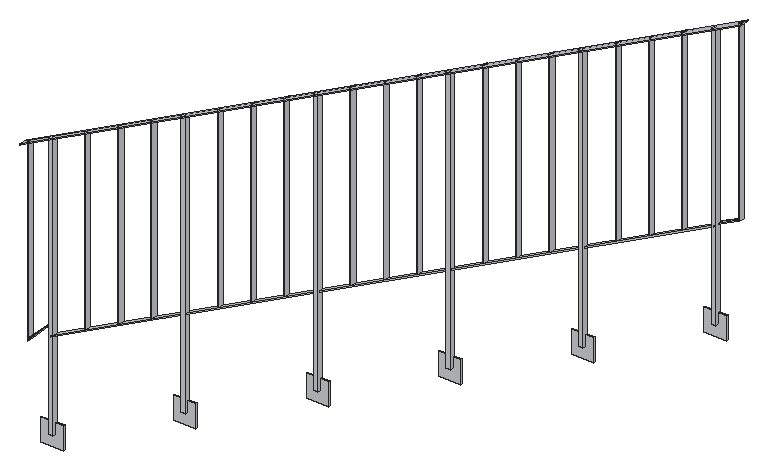
Revit family "AVLN_Ограждение типовое_5 секций", category Специальное оборудование, Revit 2019
Family settings
  Размер круглого соединителя = Использовать диаметр
  Тип детали = Нормальный
  На основе рабочей плоскости = Нет
  Всегда вертикально = Да
  При загрузке вырезать с полостями = Нет
  Общий = Нет
  Точка расчета площади = Нет
Parameters (values of type "Длина 2700")
  число стоек = if(Число стоек расчет < 2, 2, Число стоек расчет + 1)  # 4
  справа до стойки = 600 mm
  перепад высоты 1 = tan(Угол_реальный) * Шаг разделительных стоек  # 75 mm
  перепад высоты = tan(Угол_реальный) * Длина  # 1500 mm
  перепад высота 2 = tan(Угол_реальный) * Смещение крайних стоек  # 55 mm
  от 3 до4 стержня = 200 mm
  Ширина проступи = 300 mm
  Шаг разделительных стоек 4 = слева до стойки + Расстояние между стойками * 3 + Шаг разделительных стоек  # 2550 mm
  Шаг разделительных стоек 3 = слева до стойки + Расстояние между стойками * 2 + Шаг разделительных стоек  # 1950 mm
  Шаг разделительных стоек 2 = слева до стойки + Расстояние между стойками + Шаг разделительных стоек  # 1350 mm
  Шаг разделительных стоек 1 = слева до стойки + Шаг разделительных стоек  # 750 mm
  Шаг разделительных стоек = 150 mm
  Число стоек расчет = (Длина - (слева до стойки + справа до стойки)) / Расстояние между стойками  # 3
  Число разделительных стоек 3 = if(Число стоек расчет < 2, 2, справа до стойки / Шаг разделительных стоек - 1)  # 3
  Число разделительных стоек 2 = if(Число стоек расчет < 2, 2, Расстояние между стойками / Шаг разделительных стоек - 1)  # 3
  Число разделительных стоек 1 = if(Число стоек расчет < 2, 2, слева до стойки / Шаг разделительных стоек - 1)  # 3
  Уклон по углу = no
  Угол_реальный = if(Уклон по углу, Угол, atan(Высота подступенка / Ширина проступи))  # 26.5651°
  Угол 2 = 90.00° - Угол  # 45.00°
  Угол 1 = 115.00°
  Угол = 45.00°
  Стойка последняя = yes
  Стойка первая = yes
  Стойка = направляющие : Прокат_квадрат_20х20
  Стержень_3 = направляющие : Прокат_квадрат_20х20
  Стержень_2 = направляющие : Прокат_квадрат_20х20
  Стержень_1 = направляющие : Прокат_квадрат_20х20
  Стержень 4 = направляющие : Прокат_полоса 25х4
  Смещение стоек по высоте справа = tan(Угол_реальный) * справа до стойки  # 300 mm
  Смещение стоек по высоте слева = tan(Угол_реальный) * слева до стойки  # 300 mm
  Смещение разделительных стоек 4 = tan(Угол_реальный) * Шаг разделительных стоек 4  # 1275 mm
  Смещение разделительных стоек 3 = tan(Угол_реальный) * Шаг разделительных стоек 3  # 975 mm
  Смещение разделительных стоек 2 = tan(Угол_реальный) * Шаг разделительных стоек 2  # 675 mm
  Смещение разделительных стоек 1 = tan(Угол_реальный) * Шаг разделительных стоек 1  # 375 mm
  Смещение поручня по высоте = tan(Угол_реальный) * Вылет верхнего поручня лево  # 65 mm
  Смещение крайних стоек = 110 mm
  Расчет [instance] = ""
  Расстояние между стойками = 600 mm
  от поручня до стержня 1 = 200 mm
  от 2 до 3 стержня = 200 mm
  от 1 до 2 стержня = 200 mm
  слева до стойки = 600 mm
  высота поручня от ур.ч.п. = 1000 mm
  смещение вниз от ур.ч.п = 200 mm
  Стоимость = 0
  Расстояние до стены = 0 mm
  Разделительная стойка = направляющие : Прокат_полоса 25х4
  Позиция для ограждения = 0
  Перепад высоты верхнего поручня = tan(Угол_реальный) * (Длина + Вылет верхнего поручня лево + Вылет верхнего поручня право)  # 1630 mm
  Мега_массив = число стоек - 1  # 3
  Марка ограждения = ""
  Крепление к стене = Крепление к стене : 100 х 100 х 6_вертикальная
  Крайняя стойка длина = sqrt(перепад высота 2 ^ 2 + Смещение крайних стоек ^ 2)  # 122.984 mm
  Комментарии к типоразмеру = "тип 1"
  Keynote = ""
  Manufacturer = ""
  Заверщающихй сегмент слева = yes
  Заверщаюший сегмент справа = yes
  Длина_проверочная = (слева до стойки + справа до стойки) + ((число стоек - 1) * Расстояние между стойками)  # 3000 mm
  Длина гипотенузы верхнего поручня = sqrt(Перепад высоты верхнего поручня ^ 2 + (Длина + Вылет верхнего поручня лево + Вылет верхнего поручня право) ^ 2)  # 3644.791 mm
  Длина гипотенузы = sqrt(перепад высоты ^ 2 + Длина ^ 2)  # 3354.102 mm
  Длина = 3000 mm
  Высота разделительных стоек = от поручня до стержня 1 + от 1 до 2 стержня + от 2 до 3 стержня + от 3 до4 стержня  # 800 mm
  Высота стоек = высота поручня от ур.ч.п. + смещение вниз от ур.ч.п  # 1200 mm
  Высота подступенка = 150 mm
  Высота ограждения [instance] = 1200 mm
  Вылет верхнего поручня право = 130 mm
  Вылет верхнего поручня лево = 130 mm
  Видимость_стержень_4 = yes
  Видимость_стержень_3 = no
  Видимость_стержень_2 = no
  Видимость_стержень_1 = no
  Верхний поручень = направляющие : Прокат_полоса_40х4
  URL = ""
  ADSK_Позиция = ""
  ADSK_Обозначение = ""
  ADSK_Номер секции [instance] = ""
  ADSK_Наименование = ""
Types (3, lengths in mm): name | справа до стойки | перепад высоты | Шаг разделительных стоек 4 | Шаг разделительных стоек 3 | Шаг разделительных стоек 2 | Шаг разделительных стоек 1 | Число разделительных стоек 3 | Число разделительных стоек 1 | Угол 2 | Угол | Смещение стоек по высоте справа | Смещение стоек по высоте слева | Смещение разделительных стоек 4 | Смещение разделительных стоек 3 | Смещение разделительных стоек 2 | Смещение разделительных стоек 1 | слева до стойки | Перепад высоты верхнего поручня | Длина_проверочная | Длина гипотенузы верхнего поручня | Длина гипотенузы | Длина | Вылет верхнего поручня право
  Длина 3600 | 900 | 1800 | 2850 | 2250 | 1650 | 1050 | 5 | 5 | 70.00° | 20.00° | 450 | 450 | 1425 | 1125 | 825 | 525 | 900 | 1865 | 3600 | 4170.267 | 4024.922 | 3600 | 0
  Длина 3300 | 600 | 1650 | 2850 | 2250 | 1650 | 1050 | 3 | 5 | 70.00° | 20.00° | 300 | 450 | 1425 | 1125 | 825 | 525 | 900 | 1780 | 3300 | 3980.201 | 3689.512 | 3300 | 130
  Длина 2700 | 600 | 1500 | 2550 | 1950 | 1350 | 750 | 3 | 3 | 45.00° | 45.00° | 300 | 300 | 1275 | 975 | 675 | 375 | 600 | 1630 | 3000 | 3644.791 | 3354.102 | 3000 | 130
Reference planes
  plane 1 "По центру (Вперед/Назад)": y = 0
  plane 2: z = 0
  plane 3 "Слева": x = 0
  plane 4 "справа до стойки": x = 2400
  plane 5: z = 800
  plane 6: y = 10
  plane 7 "Слева до стойки": x = 600
  plane 8 "справа": x = 3000
  plane 9: z = -200
  plane 10: z = 1000
  plane 11 "2 стерженьь": z = 600
  plane 12 "3 стерженьь": z = 400
  plane 13: z = 1300
  plane 14 "1 стержень": z = 2300
  plane 15 "поручень": z = 2500
  plane 16 "2 стержень": z = 2100
  plane 17 "3 стержень": z = 1900
  plane 18: z = 1500
  plane 19: x = 1500
  plane 20: z = 1000
  plane 21: z = 100
  plane 22: x = 150
  plane 23: x = 2550
  plane 24 "4стержень": z = 200
  plane 25 "4 стержень": z = 1700
  plane 26: y = -10
  plane 27: y = 0
  plane 28: x = -130
  plane 29: z = 935
  plane 30: x = 3514.791
  plane 31: x = 750
  plane 32: x = 1350
  plane 33: x = 1950
  plane 34 "Перекладина 1": z = 275
  plane 35 "Перекладина 2": z = 575
  plane 36 "Перекладина 3": z = 875
  plane 37 "Перекладина 4": z = 1175
  plane 38 "Перекладина 5": z = 1475
  plane 39 "Перекладина 6": z = 350
  plane 40 "Перекладина 7": z = 650
  plane 41 "Перекладина 8": z = 950
  plane 42 "Перекладина 9": z = 1250
  plane 43 "Перекладина 10": z = 1550
Lines and regions (mm)
  Masking region 1
    outline origin (450, -2.5, 100) x (1, 0, 0) y (0, 1, 0)
      loop
        circle (150, 0) r 10
  Masking region 2, not visible
    outline origin (-50, 0, 0) x (1, 0, 0) y (0, 1, 0)
      loop
        circle (150, 0) r 10
  Masking region 3
    outline origin (2250, -2.5, 1000) x (1, 0, 0) y (0, 1, 0)
      loop
        circle (150, 0) r 10
  Masking region 4
    outline origin (1050, 0, -200) x (1, 0, 0) y (0, 1, 0)
      loop
        circle (150, 0) r 10
  Masking region 5
    outline origin (1050, -2.5, 400) x (1, 0, 0) y (0, 1, 0)
      loop
        circle (150, 0) r 10
  Masking region 6
    outline origin (1650, -2.5, 700) x (1, 0, 0) y (0, 1, 0)
      loop
        circle (150, 0) r 10
  reference lines
    curve 1: line (2570, 0, 935) -> (-130, 0, 935)
    curve 2: line (-130, 0, 935) -> (3130, 0, 2565)
    curve 3: line (3130, 0, 2565) -> (3107.639, 0, 2609.721)
    curve 4: line (0, 0, 800) -> (2700, 0, 800)
    curve 5: line (0, 0, 600) -> (2700, 0, 600)
    curve 6: line (0, 0, 400) -> (2700, 0, 400)
    curve 7: line (0, 0, 800) -> (3000, 0, 2300)
    curve 8: line (0, 0, 600) -> (3000, 0, 2100)
    curve 9: line (3000, 0, 2300) -> (2977.639, 0, 2344.721)
    curve 10: line (3000, 0, 2100) -> (2977.639, 0, 2144.721)
    curve 11: line (0, 0, 400) -> (3000, 0, 1900)
    curve 12: line (3000, 0, 1900) -> (2977.639, 0, 1944.721)
    curve 13: line (0, 0, 200) -> (2700, 0, 200)
    curve 14: line (0, 0, 200) -> (3000, 0, 1700)
    curve 15: line (3000, 0, 1700) -> (2977.639, 0, 1744.721)
  symbolic lines, style "SpecialityEquipment"
    curve 16: line (-130, 0, 2500) -> (3514.791, 0, 2500)
  symbolic lines
    curve 17: circle (600, -2.5, -1338.486) r 10 normal (0, 0, 1)
    curve 19: circle (2400, -2.5, -438.486) r 10 normal (0, 0, 1)
    curve 20: circle (1200, 0, -1638.486) r 10 normal (0, 0, 1)
    curve 21: circle (1200, -2.5, -1038.486) r 10 normal (0, 0, 1)
    curve 22: circle (1800, -2.5, -738.486) r 10 normal (0, 0, 1)
  symbolic lines, not visible
    curve 18: circle (100, 0, -1438.486) r 10 normal (0, 0, 1)
Dimensions and locks
  plane 6 to plane 1 "По центру (Вперед/Назад)" = 10 mm
  "Длина": plane 8 "справа" to plane 3 "Слева"
  "слева до стойки": plane 7 "Слева до стойки" to plane 3 "Слева"
  plane 1 "По центру (Вперед/Назад)" to plane 6 = 10 mm
  "справа до стойки": plane 8 "справа" to plane 4 "справа до стойки"
  "высота поручня от ур.ч.п.": plane 10 to level
  "смещение вниз от ур.ч.п": plane 2 to plane 9
  "от поручня до стержня 1": plane 10 to plane 5
  "от 1 до 2 стержня": plane 5 to plane 11 "2 стерженьь"
  "от 2 до 3 стержня": plane 11 "2 стерженьь" to plane 12 "3 стерженьь"
  equal spacing: group 1, group 9, group 27, group 2  (x3)
  "Высота ограждения": plane 10 to plane 9
  "высота поручня от ур.ч.п.": plane 15 "поручень" to plane 18
  "от поручня до стержня 1": plane 15 "поручень" to plane 14 "1 стержень"
  "от 1 до 2 стержня": plane 14 "1 стержень" to plane 16 "2 стержень"
  "от 2 до 3 стержня": plane 16 "2 стержень" to plane 17 "3 стержень"
  "смещение вниз от ур.ч.п": plane 18 to plane 13
  equal spacing: plane 4 "справа до стойки", plane 19, plane 7 "Слева до стойки"
  "Длина гипотенузы верхнего поручня": curve 2 to curve 2
  "перепад высоты": plane 15 "поручень" to plane 10
  "Смещение стоек по высоте справа": plane 13 to plane 20
  "Смещение стоек по высоте слева": plane 21 to plane 9
  locked: curve 3 to curve 3 at 50
  locked: curve 9 to curve 9 at 50
  locked: curve 10 to curve 10 at 50
  locked: curve 12 to curve 12 at 50
  "Длина гипотенузы": curve 9 to curve 7
  "Длина гипотенузы": curve 10 to curve 8
  "Длина гипотенузы": curve 12 to curve 11
  equal spacing: group 3, group 10, group 28, group 4  (x3)
  locked: curve 15 to curve 15 at 50
  "от 3 до4 стержня": plane 17 "3 стержень" to plane 25 "4 стержень"
  "Длина гипотенузы": curve 15 to nested 9
  "от 3 до4 стержня": plane 12 "3 стерженьь" to plane 24 "4стержень"
  equal spacing: plane 26, plane 1 "По центру (Вперед/Назад)", plane 6
  locked: plane 26 to plane 6 at 20
  "Расстояние до стены": plane 27 to plane 1 "По центру (Вперед/Назад)"
  "Вылет верхнего поручня лево": plane 28 to plane 3 "Слева"
  "Смещение поручня по высоте": plane 10 to plane 29
  "Длина гипотенузы верхнего поручня": plane 28 to plane 30
  "Шаг разделительных стоек": plane 22 to plane 3 "Слева"
  equal spacing: group 12, group 13, group 20  (x3)
  "Шаг разделительных стоек": plane 31 to plane 7 "Слева до стойки"
  equal spacing: group 14, group 15, group 21  (x3)
  "Шаг разделительных стоек": plane 23 to plane 4 "справа до стойки"
  equal spacing: group 16, group 17, group 22  (x3)
  "Шаг разделительных стоек": nested 21 to plane 32
  equal spacing: group 18, group 19, group 23  (x3)
  "Шаг разделительных стоек": nested 23 to plane 33
  "Шаг разделительных стоек": nested 17 to plane 22
  "Шаг разделительных стоек": nested 19 to plane 31
  "перепад высоты 1": plane 39 "Перекладина 6" to plane 34 "Перекладина 1"
  "перепад высоты 1": plane 40 "Перекладина 7" to plane 35 "Перекладина 2"
  "перепад высоты 1": plane 41 "Перекладина 8" to plane 36 "Перекладина 3"
  "перепад высоты 1": plane 42 "Перекладина 9" to plane 37 "Перекладина 4"
  "перепад высоты 1": plane 43 "Перекладина 10" to plane 38 "Перекладина 5"
  "перепад высоты 1": plane 34 "Перекладина 1" to plane 24 "4стержень"
  "Шаг разделительных стоек 1": plane 31 to plane 3 "Слева"
  "Шаг разделительных стоек 2": plane 32 to plane 3 "Слева"
  "Шаг разделительных стоек 3": plane 33 to plane 3 "Слева"
  plane 23 to plane 3 "Слева" = 2550 mm
  "Смещение разделительных стоек 1": plane 35 "Перекладина 2" to plane 24 "4стержень"
  "Смещение разделительных стоек 2": plane 36 "Перекладина 3" to plane 24 "4стержень"
  "Смещение разделительных стоек 3": plane 37 "Перекладина 4" to plane 24 "4стержень"
  "Смещение разделительных стоек 4": plane 38 "Перекладина 5" to plane 24 "4стержень"
  "Смещение крайних стоек": plane 3 "Слева" to nested 29
  "Смещение крайних стоек": nested 28 to plane 8 "справа"
  "перепад высота 2": nested 28 to plane 25 "4 стержень"
  "перепад высота 2": plane 24 "4стержень" to nested 29
  equal spacing: group 24, group 25, group 26  (x3)
  "Шаг разделительных стоек": plane 23 to nested 31
  "Угол_реальный": angle curve 1 to curve 2
  locked: curve 3 to curve 2 (angle 90.00°)
  locked: curve 9 to curve 7 (angle 90.00°)
  locked: curve 10 to curve 8 (angle 90.00°)
  locked: curve 12 to curve 11 (angle 90.00°)
  "Угол_реальный": angle curve 4 to curve 7
  "Угол_реальный": angle curve 5 to curve 8
  "Угол_реальный": angle curve 6 to curve 11
  locked: curve 15 to curve 14 (angle 90.00°)
  "Угол_реальный": angle curve 13 to curve 14
  aligned and locked: level to plane 2
  aligned and locked: plane 7 "Слева до стойки" to nested 2
  aligned and locked: plane 4 "справа до стойки" to nested 4
  aligned and locked: nested 1 to curve 2
  aligned and locked: nested 1 to curve 3
  aligned and locked: curve 4 to plane 5
  aligned and locked: curve 5 to plane 11 "2 стерженьь"
  aligned and locked: nested 5 to curve 7
  aligned and locked: nested 6 to curve 8
  aligned and locked: nested 7 to curve 11
  aligned and locked: nested 7 to curve 12
  aligned and locked: nested 6 to curve 10
  aligned and locked: nested 5 to curve 9
  aligned and locked: plane 1 "По центру (Вперед/Назад)" to nested 1
  aligned and locked: plane 4 "справа до стойки" to nested 8
  aligned and locked: plane 20 to nested 8
  aligned and locked: nested 3 to plane 1 "По центру (Вперед/Назад)"
  aligned and locked: nested 8 to plane 1 "По центру (Вперед/Назад)"
  aligned and locked: curve 13 to plane 24 "4стержень"
  aligned and locked: nested 9 to curve 14  (x2)
  aligned and locked: nested 9 to curve 15
  aligned and locked: plane 1 "По центру (Вперед/Назад)" to curve 16
  aligned and locked: plane 7 "Слева до стойки" to curve 17
  aligned and locked: plane 8 "справа" to curve 15
  aligned and locked: curve 6 to plane 12 "3 стерженьь"
  aligned and locked: nested 3 to plane 21
  aligned and locked: nested 2 to plane 21
  aligned and locked: plane 20 to nested 4
  aligned and locked: plane 7 "Слева до стойки" to nested 3
  aligned and locked: plane 27 to nested 2
  aligned and locked: nested 4 to plane 27
  aligned and locked: curve 1 to plane 29
  aligned and locked: plane 28 to curve 1
  aligned and locked: plane 28 to curve 16
  aligned and locked: plane 30 to curve 16
  aligned and locked: plane 8 "справа" to nested 11
  aligned and locked: plane 8 "справа" to nested 10
  aligned and locked: plane 10 to nested 13
  aligned and locked: plane 9 to nested 13
  aligned and locked: nested 12 to plane 9
  aligned and locked: plane 3 "Слева" to nested 13
  aligned and locked: plane 3 "Слева" to nested 12
  aligned and locked: nested 10 to nested 11
  aligned and locked: nested 11 to plane 13
  aligned and locked: plane 13 to nested 10
  aligned and locked: plane 22 to nested 16
  aligned and locked: plane 31 to nested 18
  aligned and locked: plane 32 to nested 20
  aligned and locked: plane 33 to nested 22
  aligned and locked: plane 34 "Перекладина 1" to nested 16
  aligned and locked: plane 35 "Перекладина 2" to nested 18
  aligned and locked: plane 36 "Перекладина 3" to nested 20
  aligned and locked: plane 37 "Перекладина 4" to nested 22
  aligned and locked: plane 42 "Перекладина 9" to nested 23
  aligned and locked: plane 41 "Перекладина 8" to nested 21
  aligned and locked: plane 39 "Перекладина 6" to nested 17
  aligned and locked: plane 40 "Перекладина 7" to nested 19
  aligned and locked: plane 23 to nested 30
  aligned and locked: plane 38 "Перекладина 5" to nested 30
  aligned and locked: plane 43 "Перекладина 10" to nested 31
Automatic sketch dimensions
  curve 5 to plane 3 "Слева" = 0 mm
  curve 14 to plane 3 "Слева" = 0 mm
  curve 4 to plane 3 "Слева" = 0 mm
  curve 11 to plane 3 "Слева" = 0 mm
  radius of Masking region 1 sketch curve = 10 mm
  radius of Masking region 2 sketch curve = 10 mm
  radius of Masking region 3 sketch curve = 10 mm
  radius of Masking region 4 sketch curve = 10 mm
  radius of Masking region 5 sketch curve = 10 mm
  radius of Masking region 6 sketch curve = 10 mm
Nested families
  nested 1: "направляющие" at (3130, -20, 2565) x (-0.8944, 0, -0.4472) z (0, -1, 0), type <- "Верхний поручень", Длина <- "Длина гипотенузы верхнего поручня", Марка ограждения <- "Марка ограждения", ADSK_Номер секции <- "ADSK_Номер секции", Расчет <- "Расчет", ADSK_Позиция <- "ADSK_Позиция", type "Прокат_полоса_40х4", detail levels fine
    with Расчет "", Марка ограждения "", Длина 3644.791 mm, ADSK_Размер_Длина 3644.791 mm, ADSK_Позиция "", ADSK_Номер секции "", ADSK_Масса 18.224, ADSK_Марка ""
  nested 2: "Крепление к стене" at (600, 6, 50), type <- "Крепление к стене", ADSK_Номер секции <- "ADSK_Номер секции", Марка ограждения <- "Марка ограждения", Расчет <- "Расчет", ADSK_Позиция <- "ADSK_Позиция", type "100 х 100 х 6_вертикальная"
    with Расчет "", Марка ограждения "", ADSK_Примечание "", ADSK_Позиция "", ADSK_Номер секции ""
  nested 3: "направляющие" at (600, -10, 100) x (0, 0, 1) z (0, -1, 0), Длина <- "Высота стоек", type <- "Стойка", ADSK_Номер секции <- "ADSK_Номер секции", Марка ограждения <- "Марка ограждения", Расчет <- "Расчет", ADSK_Позиция <- "ADSK_Позиция", type "Прокат_квадрат_20х20"
    with Расчет "", Марка ограждения "", Длина 1200 mm, ADSK_Размер_Длина 1200 mm, ADSK_Позиция "", ADSK_Номер секции "", ADSK_Масса 6, ADSK_Марка ""
  nested 4: "Крепление к стене" at (2400, 6, 950), type <- "Крепление к стене", ADSK_Номер секции <- "ADSK_Номер секции", Марка ограждения <- "Марка ограждения", Расчет <- "Расчет", ADSK_Позиция <- "ADSK_Позиция", type "100 х 100 х 6_вертикальная"
    with Расчет "", Марка ограждения "", ADSK_Примечание "", ADSK_Позиция "", ADSK_Номер секции ""
  nested 5: "направляющие" at (3000, -7.5, 2300) x (-0.8944, 0, -0.4472) z (0, -1, 0), type <- "Стержень_1", Длина <- "Длина гипотенузы", visible <- "Видимость_стержень_1", Марка ограждения <- "Марка ограждения", ADSK_Номер секции <- "ADSK_Номер секции", Расчет <- "Расчет", ADSK_Позиция <- "ADSK_Позиция", type "Прокат_квадрат_20х20"
    with Расчет "", Марка ограждения "", Длина 3354.102 mm, ADSK_Размер_Длина 3354.102 mm, ADSK_Позиция "", ADSK_Номер секции "", ADSK_Масса 16.7705, ADSK_Марка ""
  nested 6: "направляющие" at (3000, -7.5, 2100) x (-0.8944, 0, -0.4472) z (0, -1, 0), type <- "Стержень_2", Длина <- "Длина гипотенузы", visible <- "Видимость_стержень_2", Марка ограждения <- "Марка ограждения", ADSK_Номер секции <- "ADSK_Номер секции", Расчет <- "Расчет", ADSK_Позиция <- "ADSK_Позиция", type "Прокат_квадрат_20х20"
    with Расчет "", Марка ограждения "", Длина 3354.102 mm, ADSK_Размер_Длина 3354.102 mm, ADSK_Позиция "", ADSK_Номер секции "", ADSK_Масса 16.7705, ADSK_Марка ""
  nested 7: "направляющие" at (3000, -7.5, 1900) x (-0.8944, 0, -0.4472) z (0, -1, 0), type <- "Стержень_3", Длина <- "Длина гипотенузы", visible <- "Видимость_стержень_3", Марка ограждения <- "Марка ограждения", ADSK_Номер секции <- "ADSK_Номер секции", Расчет <- "Расчет", ADSK_Позиция <- "ADSK_Позиция", type "Прокат_квадрат_20х20"
    with Расчет "", Марка ограждения "", Длина 3354.102 mm, ADSK_Размер_Длина 3354.102 mm, ADSK_Позиция "", ADSK_Номер секции "", ADSK_Масса 16.7705, ADSK_Марка ""
  nested 8: "направляющие" at (2400, -10, 1000) x (0, 0, 1) z (0, -1, 0), Длина <- "Высота стоек", type <- "Стойка", ADSK_Номер секции <- "ADSK_Номер секции", Марка ограждения <- "Марка ограждения", Расчет <- "Расчет", ADSK_Позиция <- "ADSK_Позиция", type "Прокат_квадрат_20х20"
    with Расчет "", Марка ограждения "", Длина 1200 mm, ADSK_Размер_Длина 1200 mm, ADSK_Позиция "", ADSK_Номер секции "", ADSK_Масса 6, ADSK_Марка ""
  nested 9: "направляющие" at (3000, -7.5, 1700) x (-0.8944, 0, -0.4472) z (0, -1, 0), type <- "Стержень 4", Длина <- "Длина гипотенузы", visible <- "Видимость_стержень_4", Марка ограждения <- "Марка ограждения", ADSK_Номер секции <- "ADSK_Номер секции", Расчет <- "Расчет", ADSK_Позиция <- "ADSK_Позиция", type "Прокат_полоса 25х4"
    with Расчет "", Марка ограждения "", Длина 3354.102 mm, ADSK_Размер_Длина 3354.102 mm, ADSK_Позиция "", ADSK_Номер секции "", ADSK_Масса 16.7705, ADSK_Марка ""
  nested 10: "Крепление к стене" at (3000, 6, 1250), type <- "Крепление к стене", ADSK_Номер секции <- "ADSK_Номер секции", Марка ограждения <- "Марка ограждения", Расчет <- "Расчет", visible <- "Стойка первая", ADSK_Позиция <- "ADSK_Позиция", type "100 х 100 х 6_вертикальная"
    with Расчет "", Марка ограждения "", ADSK_Примечание "", ADSK_Позиция "", ADSK_Номер секции ""
  nested 11: "направляющие" at (3000, -7.5, 1300) x (0, 0, 1) z (0, -1, 0), Длина <- "Высота стоек", type <- "Стойка", ADSK_Номер секции <- "ADSK_Номер секции", Марка ограждения <- "Марка ограждения", Расчет <- "Расчет", visible <- "Стойка первая", ADSK_Позиция <- "ADSK_Позиция", type "Прокат_квадрат_20х20"
    with Расчет "", Марка ограждения "", Длина 1200 mm, ADSK_Размер_Длина 1200 mm, ADSK_Позиция "", ADSK_Номер секции "", ADSK_Масса 6, ADSK_Марка ""
  nested 12: "Крепление к стене" at (0, 6, -250), type <- "Крепление к стене", ADSK_Номер секции <- "ADSK_Номер секции", Марка ограждения <- "Марка ограждения", Расчет <- "Расчет", visible <- "Стойка последняя", ADSK_Позиция <- "ADSK_Позиция", type "100 х 100 х 6_вертикальная"
    with Расчет "", Марка ограждения "", ADSK_Примечание "", ADSK_Позиция "", ADSK_Номер секции ""
  nested 13: "направляющие" at (0, -7.5, -200) x (0, 0, 1) z (0, -1, 0), Длина <- "Высота стоек", type <- "Стойка", ADSK_Номер секции <- "ADSK_Номер секции", Марка ограждения <- "Марка ограждения", Расчет <- "Расчет", visible <- "Стойка последняя", ADSK_Позиция <- "ADSK_Позиция", type "Прокат_квадрат_20х20"
    with Расчет "", Марка ограждения "", Длина 1200 mm, ADSK_Размер_Длина 1200 mm, ADSK_Позиция "", ADSK_Номер секции "", ADSK_Масса 6, ADSK_Марка ""
  nested 14: "Крепление к стене" at (1200, 6, 350), type <- "Крепление к стене", ADSK_Номер секции <- "ADSK_Номер секции", Марка ограждения <- "Марка ограждения", Расчет <- "Расчет", ADSK_Позиция <- "ADSK_Позиция", type "100 х 100 х 6_вертикальная"
    with Расчет "", Марка ограждения "", ADSK_Примечание "", ADSK_Позиция "", ADSK_Номер секции ""
  nested 15: "направляющие" at (1200, -10, 400) x (0, 0, 1) z (0, -1, 0), Длина <- "Высота стоек", type <- "Стойка", ADSK_Номер секции <- "ADSK_Номер секции", Марка ограждения <- "Марка ограждения", Расчет <- "Расчет", ADSK_Позиция <- "ADSK_Позиция", type "Прокат_квадрат_20х20"
    with Расчет "", Марка ограждения "", Длина 1200 mm, ADSK_Размер_Длина 1200 mm, ADSK_Позиция "", ADSK_Номер секции "", ADSK_Масса 6, ADSK_Марка ""
  nested 16: "направляющие" at (150, 0, 275) x (0, 0, 1) z (0, -1, 0), Длина <- "Высота разделительных стоек", type <- "Разделительная стойка", ADSK_Позиция <- "ADSK_Позиция", type "Прокат_полоса 25х4"
    with Расчет "", Марка ограждения "", Длина 800 mm, ADSK_Размер_Длина 800 mm, ADSK_Позиция "", ADSK_Номер секции "", ADSK_Масса 4, ADSK_Марка ""
  nested 17: "направляющие" at (300, 0, 350) x (0, 0, 1) z (0, -1, 0), Длина <- "Высота разделительных стоек", type <- "Разделительная стойка", ADSK_Позиция <- "ADSK_Позиция", type "Прокат_полоса 25х4"
    with Расчет "", Марка ограждения "", Длина 800 mm, ADSK_Размер_Длина 800 mm, ADSK_Позиция "", ADSK_Номер секции "", ADSK_Масса 4, ADSK_Марка ""
  nested 18: "направляющие" at (750, 0, 575) x (0, 0, 1) z (0, -1, 0), Длина <- "Высота разделительных стоек", type <- "Разделительная стойка", ADSK_Позиция <- "ADSK_Позиция", type "Прокат_полоса 25х4"
    with Расчет "", Марка ограждения "", Длина 800 mm, ADSK_Размер_Длина 800 mm, ADSK_Позиция "", ADSK_Номер секции "", ADSK_Масса 4, ADSK_Марка ""
  nested 19: "направляющие" at (900, 0, 650) x (0, 0, 1) z (0, -1, 0), Длина <- "Высота разделительных стоек", type <- "Разделительная стойка", ADSK_Позиция <- "ADSK_Позиция", type "Прокат_полоса 25х4"
    with Расчет "", Марка ограждения "", Длина 800 mm, ADSK_Размер_Длина 800 mm, ADSK_Позиция "", ADSK_Номер секции "", ADSK_Масса 4, ADSK_Марка ""
  nested 20: "направляющие" at (1350, 0, 875) x (0, 0, 1) z (0, -1, 0), Длина <- "Высота разделительных стоек", type <- "Разделительная стойка", ADSK_Позиция <- "ADSK_Позиция", type "Прокат_полоса 25х4"
    with Расчет "", Марка ограждения "", Длина 800 mm, ADSK_Размер_Длина 800 mm, ADSK_Позиция "", ADSK_Номер секции "", ADSK_Масса 4, ADSK_Марка ""
  nested 21: "направляющие" at (1500, 0, 950) x (0, 0, 1) z (0, -1, 0), Длина <- "Высота разделительных стоек", type <- "Разделительная стойка", ADSK_Позиция <- "ADSK_Позиция", type "Прокат_полоса 25х4"
    with Расчет "", Марка ограждения "", Длина 800 mm, ADSK_Размер_Длина 800 mm, ADSK_Позиция "", ADSK_Номер секции "", ADSK_Масса 4, ADSK_Марка ""
  nested 22: "направляющие" at (1950, 0, 1175) x (0, 0, 1) z (0, -1, 0), Длина <- "Высота разделительных стоек", type <- "Разделительная стойка", ADSK_Позиция <- "ADSK_Позиция", type "Прокат_полоса 25х4"
    with Расчет "", Марка ограждения "", Длина 800 mm, ADSK_Размер_Длина 800 mm, ADSK_Позиция "", ADSK_Номер секции "", ADSK_Масса 4, ADSK_Марка ""
  nested 23: "направляющие" at (2100, 0, 1250) x (0, 0, 1) z (0, -1, 0), Длина <- "Высота разделительных стоек", type <- "Разделительная стойка", ADSK_Позиция <- "ADSK_Позиция", type "Прокат_полоса 25х4"
    with Расчет "", Марка ограждения "", Длина 800 mm, ADSK_Размер_Длина 800 mm, ADSK_Позиция "", ADSK_Номер секции "", ADSK_Масса 4, ADSK_Марка ""
  nested 24: "направляющие" at (450, 0, 425) x (0, 0, 1) z (0, -1, 0), Длина <- "Высота разделительных стоек", type <- "Разделительная стойка", ADSK_Позиция <- "ADSK_Позиция", type "Прокат_полоса 25х4"
    with Расчет "", Марка ограждения "", Длина 800 mm, ADSK_Размер_Длина 800 mm, ADSK_Позиция "", ADSK_Номер секции "", ADSK_Масса 4, ADSK_Марка ""
  nested 25: "направляющие" at (1050, 0, 725) x (0, 0, 1) z (0, -1, 0), Длина <- "Высота разделительных стоек", type <- "Разделительная стойка", ADSK_Позиция <- "ADSK_Позиция", type "Прокат_полоса 25х4"
    with Расчет "", Марка ограждения "", Длина 800 mm, ADSK_Размер_Длина 800 mm, ADSK_Позиция "", ADSK_Номер секции "", ADSK_Масса 4, ADSK_Марка ""
  nested 26: "направляющие" at (1650, 0, 1025) x (0, 0, 1) z (0, -1, 0), Длина <- "Высота разделительных стоек", type <- "Разделительная стойка", ADSK_Позиция <- "ADSK_Позиция", type "Прокат_полоса 25х4"
    with Расчет "", Марка ограждения "", Длина 800 mm, ADSK_Размер_Длина 800 mm, ADSK_Позиция "", ADSK_Номер секции "", ADSK_Масса 4, ADSK_Марка ""
  nested 27: "направляющие" at (2250, 0, 1325) x (0, 0, 1) z (0, -1, 0), Длина <- "Высота разделительных стоек", type <- "Разделительная стойка", ADSK_Позиция <- "ADSK_Позиция", type "Прокат_полоса 25х4"
    with Расчет "", Марка ограждения "", Длина 800 mm, ADSK_Размер_Длина 800 mm, ADSK_Позиция "", ADSK_Номер секции "", ADSK_Масса 4, ADSK_Марка ""
  nested 28: "Финальные направляющие" at (3108, 0, 1755) x (0, 0, 1) z (0, -1, 0), Длина <- "Высота разделительных стоек", Длина сегмента <- "Крайняя стойка длина", Угол 1 <- "Угол 1", visible <- "Заверщаюший сегмент справа", ADSK_Позиция <- "ADSK_Позиция", type "Прокат_полоса 25х4"
    with Угол 1/вспомогательный 115.00°, Угол 1 115.00°, Расчет "", Марка ограждения "", Длина сегмента 122.984 mm, Длина 800 mm, ADSK_Размер_Длина 922.984 mm, ADSK_Позиция "", ADSK_Номер секции "", ADSK_Масса 2.529
  nested 29: "Финальные направляющие" at (-108, 0, 145) x (0, 0, 1) z (0, -1, 0), Длина <- "Высота разделительных стоек", Угол 1 <- "Угол 2", Длина сегмента <- "Крайняя стойка длина", visible <- "Заверщающихй сегмент слева", ADSK_Позиция <- "ADSK_Позиция", type "Прокат_полоса 25х4"
    with Угол 1/вспомогательный 45.00°, Угол 1 45.00°, Расчет "", Марка ограждения "", Длина сегмента 122.984 mm, Длина 800 mm, ADSK_Размер_Длина 922.984 mm, ADSK_Позиция "", ADSK_Номер секции "", ADSK_Масса 2.529
  nested 30: "направляющие" at (2550, 0, 1475) x (0, 0, 1) z (0, -1, 0), Длина <- "Высота разделительных стоек", type <- "Разделительная стойка", type "Прокат_полоса 25х4"
    with Расчет "", Марка ограждения "", Длина 800 mm, ADSK_Размер_Длина 800 mm, ADSK_Позиция "", ADSK_Номер секции "", ADSK_Масса 4, ADSK_Марка ""
  nested 31: "направляющие" at (2700, 0, 1550) x (0, 0, 1) z (0, -1, 0), Длина <- "Высота разделительных стоек", type <- "Разделительная стойка", type "Прокат_полоса 25х4"
    with Расчет "", Марка ограждения "", Длина 800 mm, ADSK_Размер_Длина 800 mm, ADSK_Позиция "", ADSK_Номер секции "", ADSK_Масса 4, ADSK_Марка ""
  nested 32: "направляющие" at (2850, 0, 1625) x (0, 0, 1) z (0, -1, 0), Длина <- "Высота разделительных стоек", type <- "Разделительная стойка", type "Прокат_полоса 25х4"
    with Расчет "", Марка ограждения "", Длина 800 mm, ADSK_Размер_Длина 800 mm, ADSK_Позиция "", ADSK_Номер секции "", ADSK_Масса 4, ADSK_Марка ""
  nested 33: "Крепление к стене" at (1800, 6, 650), type <- "Крепление к стене", ADSK_Номер секции <- "ADSK_Номер секции", Марка ограждения <- "Марка ограждения", Расчет <- "Расчет", ADSK_Позиция <- "ADSK_Позиция", type "100 х 100 х 6_вертикальная"
    with Расчет "", Марка ограждения "", ADSK_Примечание "", ADSK_Позиция "", ADSK_Номер секции ""
  nested 34: "направляющие" at (1800, -10, 700) x (0, 0, 1) z (0, -1, 0), Длина <- "Высота стоек", type <- "Стойка", ADSK_Номер секции <- "ADSK_Номер секции", Марка ограждения <- "Марка ограждения", Расчет <- "Расчет", ADSK_Позиция <- "ADSK_Позиция", type "Прокат_квадрат_20х20"
    with Расчет "", Марка ограждения "", Длина 1200 mm, ADSK_Размер_Длина 1200 mm, ADSK_Позиция "", ADSK_Номер секции "", ADSK_Масса 6, ADSK_Марка ""
Definition of nested family "направляющие"
  Parameters (values of type "Прокат_полоса_40х4")
    Ширина = 4 mm
    Число = 0 mm
    Труба_круг = no
    Труба_квадрат = yes
    Толщина стенки трубы = 1 mm
    Расчет [instance] = ""
    Прокат_круг = no
    Прокат_квадрат = no
    Позиция для ограждения = 0
    Default Elevation = 1219.2 mm
    Масса = 0.00 kg
    Марка ограждения [instance] = ""
    Model = "Элемент ограждения"  # constant formula
    Высота/Диаметр = 40 mm
    Description = "ОГ"
    Длина [instance] = 1150 mm
    ADSK_Размер_Длина [instance] = Длина  # 1150 mm
    ADSK_Позиция [instance] = ""
    ADSK_Обозначение = "С235 ГОСТ27772-2015"
    ADSK_Номер секции [instance] = ""
    ADSK_Наименование = "Полоса 4х25 ГОСТ 103-2006"
    ADSK_Масса погонного метра = 5  # constant formula
    ADSK_Масса [instance] = ADSK_Масса погонного метра * ADSK_Размер_Длина / 1000 mm  # 5.75
    ADSK_Марка [instance] = ""
  Types (6, lengths in mm): name | Ширина | Труба_круг | Труба_квадрат | Толщина стенки трубы | Прокат_круг | Прокат_квадрат | Высота/Диаметр | Description
    Труба_квадрат_40х100 | 40 | no | yes | 2.5 | no | no | 100 | "ОГ"
    Труба_круг_50х2.5 | 15 | yes | no | 2.5 | no | no | 50 | "ОГ"
    Прокат_круг_20х2,5 | 15 | no | no | 2.5 | yes | no | 20 | "ОГ"
    Прокат_квадрат_20х20 | 20 | no | no | 2.5 | no | yes | 20 | "ОГ"
    Прокат_полоса 25х4 | 4 | no | no | 1 | no | yes | 25 | ""
    Прокат_полоса_40х4 | 4 | no | yes | 1 | no | no | 40 | "ОГ"
  Reference planes
    plane 1 "По центру (Вперед/Назад)": y = 0
    plane 2: z = 0
    plane 3 "По центру (Влево/Вправо)": x = 0
    plane 4: x = 1150
    plane 5: z = -40
    plane 6: z = -20
    plane 7: y = -2
    plane 8: y = 2
    plane 9: x = 575
  Forms (mm)
    Sweep 1, solid, visible <- "Труба_круг"
      path in 3D
        loop
          line (0, 0, 0) -> (1150, 0, 0)
      profile "круглый профиль_полый : Круглый профиль_полый" origin (575, 0, 0) x (0, 1, 0) y (0, 0, 1)
        loop
          circle (0, -20) r 19
        loop
          circle (0, -20) r 20
    Sweep 2, solid, visible <- "Труба_квадрат"
      path in 3D
        loop
          line (0, 0, 0) -> (1150, 0, 0)
      profile "квадратный профиль_полый : Круглый профиль_полый" origin (575, 0, 0) x (0, 1, 0) y (0, 0, 1)
        loop
          line (-1, -1) -> (-1, -39) -> (1, -39) -> (1, -1) -> (-1, -1)
        loop
          line (-2, 0) -> (-2, -40) -> (2, -40) -> (2, 0) -> (-2, 0)
    Sweep 3, solid, visible <- "Прокат_квадрат"
      path in 3D
        loop
          line (0, 0, 0) -> (1150, 0, 0)
      profile "квадратный профиль : Круглый профиль_полый" origin (575, 0, 0) x (0, 1, 0) y (0, 0, 1)
        loop
          line (-2, 0) -> (-2, -40) -> (2, -40) -> (2, 0) -> (-2, 0)
    Sweep 4, solid, visible <- "Прокат_круг"
      path in 3D
        loop
          line (0, 0, 0) -> (1150, 0, 0)
      profile "круглый профиль : Круглый профиль_полый" origin (575, 0, 0) x (0, 1, 0) y (0, 0, 1)
        loop
          circle (0, -20) r 20
  Lines and regions (mm)
    reference lines
      curve 1: line (0, 0, 0) -> (0, 0, -40)
      curve 2: line (0, 3, 0) -> (0, -3, 0)
      curve 3: line (0, 0, 0) -> (1150, 0, 0)
      curve 4: line (0, -2, -20) -> (0, 2, -20)
      curve 5: line (0, 0, -20) -> (1150, 0, -20)
      curve 6: line (0, -2, 0) -> (0, 2, 0)
      curve 7: line (0, -2, -40) -> (0, -2, 0)
      curve 8: line (0, 2, -40) -> (0, -2, -40)
      curve 9: line (0, 2, 0) -> (0, 2, -40)
      curve 10: line (0, 0, -40) -> (1150, 0, -40)
    sketch lines
      curve 11: line (0, 0, 0) -> (1150, 0, 0)
      curve 12: line (0, 0, 0) -> (1150, 0, 0)
      curve 13: line (0, 0, 0) -> (1150, 0, 0)
      curve 14: line (0, 0, 0) -> (1150, 0, 0)
  Dimensions and locks
    "Длина": plane 4 to plane 3 "По центру (Влево/Вправо)"
    "Ширина": plane 7 to plane 8
    "Высота/Диаметр": plane 2 to plane 5
    equal spacing: plane 2, plane 6, plane 5
    equal spacing: plane 7, plane 1 "По центру (Вперед/Назад)", plane 8
    equal spacing: plane 3 "По центру (Влево/Вправо)", plane 9, plane 4
    aligned and locked: level to plane 2
    aligned and locked: plane 1 "По центру (Вперед/Назад)" to curve 1
    aligned and locked: curve 2 to plane 2
    aligned and locked: plane 3 "По центру (Влево/Вправо)" to curve 3
    aligned and locked: plane 4 to curve 3
    aligned and locked: plane 1 "По центру (Вперед/Назад)" to curve 3
    aligned and locked: curve 4 to plane 6
    aligned and locked: plane 8 to curve 4
    aligned and locked: plane 7 to curve 4
    aligned and locked: plane 5 to curve 1
    aligned and locked: plane 2 to curve 1
    aligned and locked: plane 2 to curve 3  (x2)
    aligned and locked: plane 3 "По центру (Влево/Вправо)" to curve 5
    aligned and locked: plane 4 to curve 5
    aligned and locked: curve 5 to plane 6
    aligned and locked: plane 7 to curve 7
    aligned and locked: plane 5 to curve 8
    aligned and locked: curve 9 to plane 8
    aligned and locked: curve 6 to plane 2
    aligned and locked: curve 1 to curve 10
    aligned and locked: Sweep 1 to curve 10
    aligned and locked: curve 10 to plane 5
    aligned and locked: plane 1 "По центру (Вперед/Назад)" to curve 5  (x3)
    aligned and locked: plane 6 to curve 5  (x2)
    aligned and locked: plane 3 "По центру (Влево/Вправо)" to Sweep 2
    aligned and locked: Sweep 2 to plane 4
    aligned and locked: plane 3 "По центру (Влево/Вправо)" to curve 6
    aligned and locked: plane 4 to Sweep 2  (x2)
    aligned and locked: plane 3 "По центру (Влево/Вправо)" to Sweep 1
    aligned and locked: Sweep 1 to plane 4
    aligned and locked: Sweep 4 to plane 4
    aligned and locked: plane 3 "По центру (Влево/Вправо)" to Sweep 4
    aligned and locked: plane 3 "По центру (Влево/Вправо)" to Sweep 3
    aligned and locked: Sweep 3 to plane 4
  Automatic sketch dimensions
    plane 7 to curve 2 = 5 mm
    curve 2 to plane 8 = 5 mm
    plane 4 to curve 10 = 0 mm
Definition of nested family "Крепление к стене"
  Parameters (values of type "60х200 х 6_Горизонтальная")
    Ширина = 60 mm
    Число = 0 mm
    Толщина = 6 mm
    Расчет [instance] = ""
    Позиция для ограждения = 0
    Description = "ОГ"
    Масса = 15.00 kg
    Марка ограждения [instance] = ""
    Длина = 200 mm
    Горизонтальная = yes
    Вертикальная = not(Горизонтальная)  # no
    ADSK_Примечание [instance] = ""
    ADSK_Позиция [instance] = ""
    ADSK_Обозначение = ""
    ADSK_Номер секции [instance] = ""
    ADSK_Наименование = ""
  Types (2, lengths in mm): name | Ширина | Длина | Горизонтальная | Вертикальная
    60х200 х 6_Горизонтальная | 60 | 200 | yes | no
    100 х 100 х 6_вертикальная | 100 | 100 | no | yes
  Reference planes
    plane 1 "По центру (Вперед/Назад)": y = 0
    plane 2: z = 0
    plane 3 "По центру (Влево/Вправо)": x = 0
    plane 4: z = 106
    plane 5: z = 200
    plane 6: y = -6
    plane 7: x = -30
    plane 8: x = 30
    plane 9: z = 100
  Forms (mm)
    Extrusion 1, solid, visible <- "Горизонтальная"
      sketch origin (0, 0, 0) x (1, 0, 0) y (0, 1, 0)
        loop
          line (-30, 100) -> (-30, -100) -> (30, -100) -> (30, 100) -> (-30, 100)
      from 100 to 106
    Extrusion 2, solid, visible <- "Вертикальная"
      sketch origin (0, 0, 0) x (1, 0, 0) y (0, 0, 1)
        loop
          line (-30, 200) -> (-30, 0) -> (30, 0) -> (30, 200) -> (-30, 200)
      from 0 to 6
  Dimensions and locks
    plane 9 to plane 4 = 6 mm
    equal spacing: Extrusion 1 sketch curve, plane 1 "По центру (Вперед/Назад)", Extrusion 1 sketch curve
    equal spacing: Extrusion 1 sketch curve, plane 3 "По центру (Влево/Вправо)", Extrusion 1 sketch curve
    plane 1 "По центру (Вперед/Назад)" to Extrusion 1 sketch curve = 100 mm
    plane 3 "По центру (Влево/Вправо)" to Extrusion 1 sketch curve = 30 mm
    "Ширина": Extrusion 1 to Extrusion 1
    "Длина": Extrusion 1 to Extrusion 1
    "Толщина": plane 6 to plane 1 "По центру (Вперед/Назад)"
    "Ширина": plane 8 to plane 7
    equal spacing: plane 8, plane 3 "По центру (Влево/Вправо)", plane 7
    "Длина": plane 5 to plane 2
    equal spacing: plane 5, plane 9, plane 2
    "Толщина": plane 4 to plane 9
    aligned and locked: level to plane 2
    aligned and locked: Extrusion 2 to plane 2
    aligned and locked: plane 5 to Extrusion 2  (x2)
    aligned and locked: Extrusion 2 to plane 6
    aligned and locked: Extrusion 2 to plane 1 "По центру (Вперед/Назад)"
    aligned and locked: Extrusion 2 to plane 7
    aligned and locked: plane 8 to Extrusion 2
    aligned and locked: Extrusion 1 to plane 9
    aligned and locked: plane 4 to Extrusion 1
    aligned and locked: plane 9 to Extrusion 1  (x2)
    aligned and locked: plane 8 to Extrusion 1  (x3)
    aligned and locked: Extrusion 1 to plane 7  (x2)
    aligned and locked: Extrusion 1 to plane 4
    aligned and locked: plane 7 to Extrusion 1
  Automatic sketch dimensions
    Extrusion 2 sketch curve to plane 4 = 106 mm
    Extrusion 2 sketch curve to plane 3 "По центру (Влево/Вправо)" = 30 mm
    plane 3 "По центру (Влево/Вправо)" to Extrusion 2 sketch curve = 30 mm
    Extrusion 2 sketch curve to Extrusion 2 sketch curve = 200 mm
Definition of nested family "Финальные направляющие"
  Parameters (values of type "Прокат_полоса 25х4")
    Ширина = 4 mm
    Число = 0 mm
    Угол 1/вспомогательный [instance] = if(Угол 1 > 179.00°, 179.00°, Угол 1)  # 109.00°
    Угол 1 [instance] = 109.00°
    Труба_круг = no
    Труба_квадрат = no
    Толщина стенки трубы = 1 mm
    Расчет [instance] = ""
    Прокат_круг = no
    Прокат_квадрат = yes
    Позиция для ограждения = 0
    Default Elevation = 1219.2 mm
    Масса = 0.00 kg
    Марка ограждения [instance] = ""
    Длина сегмента [instance] = 480 mm
    Model = "Элемент ограждения"  # constant formula
    Высота/Диаметр = 25 mm
    Description = "ОГ"
    Длина [instance] = 1150 mm
    ADSK_Размер_Длина [instance] = Длина + Длина сегмента  # 1630 mm
    ADSK_Позиция [instance] = ""
    ADSK_Обозначение = "С235 ГОСТ27772-2015"
    ADSK_Номер секции [instance] = ""
    ADSK_Наименование = "Полоса 4х25 ГОСТ 103-2006"
    ADSK_Масса погонного метра = 2.74
    ADSK_Масса [instance] = ADSK_Масса погонного метра * ADSK_Размер_Длина / 1000 mm  # 4.4662
  Types (6, lengths in mm): name | Ширина | Труба_круг | Труба_квадрат | Толщина стенки трубы | Прокат_круг | Прокат_квадрат | Высота/Диаметр
    Труба_квадрат_40х100 | 40 | no | yes | 2.5 | no | no | 100
    Труба_круг_50х2.5 | 15 | yes | no | 2.5 | no | no | 50
    Прокат_круг_20х2,5 | 15 | no | no | 2.5 | yes | no | 20
    Прокат_квадрат_20х20 | 20 | no | no | 2.5 | no | yes | 20
    Прокат_полоса 25х4 | 4 | no | no | 1 | no | yes | 25
    Прокат_полоса_40х4 | 4 | no | yes | 1 | no | no | 40
  Reference planes
    plane 1 "По центру (Вперед/Назад)": y = 0
    plane 2: z = 0
    plane 3 "По центру (Влево/Вправо)": x = 0
    plane 4: x = 1150
    plane 5: z = -25
    plane 6: z = -12.5
    plane 7: y = -2
    plane 8: y = 2
    plane 9: x = 575
  Forms (mm)
    Sweep 1, solid, visible <- "Труба_круг"
      path in 3D
        loop
          line (0, 0, 0) -> (1150, 0, 0)
      profile "круглый профиль_полый : Круглый профиль_полый" origin (575, 0, 0) x (0, 1, 0) y (0, 0, 1)
        loop
          circle (0, -12.5) r 11.5
        loop
          circle (0, -12.5) r 12.5
    Sweep 2, solid, visible <- "Труба_квадрат"
      path in 3D
        loop
          line (0, 0, 0) -> (1150, 0, 0)
      profile "квадратный профиль_полый : Круглый профиль_полый" origin (575, 0, 0) x (0, 1, 0) y (0, 0, 1)
        loop
          line (-1, -1) -> (-1, -24) -> (1, -24) -> (1, -1) -> (-1, -1)
        loop
          line (-2, 0) -> (-2, -25) -> (2, -25) -> (2, 0) -> (-2, 0)
    Sweep 3, solid, visible <- "Прокат_квадрат"
      path in 3D
        loop
          line (0, 0, 0) -> (1150, 0, 0)
      profile "квадратный профиль : Круглый профиль_полый" origin (575, 0, 0) x (0, 1, 0) y (0, 0, 1)
        loop
          line (-2, 0) -> (-2, -25) -> (2, -25) -> (2, 0) -> (-2, 0)
    Sweep 4, solid, visible <- "Прокат_круг"
      path in 3D
        loop
          line (0, 0, 0) -> (1150, 0, 0)
      profile "круглый профиль : Круглый профиль_полый" origin (575, 0, 0) x (0, 1, 0) y (0, 0, 1)
        loop
          circle (0, -12.5) r 12.5
    Sweep 5, solid
      path origin (0, 0, 0) x (1, 0, 0) y (0, 1, 0)
        loop
          line (-156.273, -453.849) -> (0, 0) -> (1150, 0)
      profile "квадратный профиль_полый : Круглый профиль_полый" origin (575, 0, 0) x (0, 1, 0) y (0, 0, 1)
        loop
          line (-1, -1) -> (-1, -24) -> (1, -24) -> (1, -1) -> (-1, -1)
        loop
          line (-2, 0) -> (-2, -25) -> (2, -25) -> (2, 0) -> (-2, 0)
  Lines and regions (mm)
    reference lines
      curve 1: line (0, 0, 0) -> (0, 0, -25)
      curve 2: line (0, 3, 0) -> (0, -3, 0)
      curve 3: line (0, 0, 0) -> (1150, 0, 0)
      curve 4: line (0, -2, -12.5) -> (0, 2, -12.5)
      curve 5: line (0, 0, -12.5) -> (1150, 0, -12.5)
      curve 6: line (0, -2, 0) -> (0, 2, 0)
      curve 7: line (0, -2, -25) -> (0, -2, 0)
      curve 8: line (0, 2, -25) -> (0, -2, -25)
      curve 9: line (0, 2, 0) -> (0, 2, -25)
      curve 10: line (0, 0, -25) -> (1150, 0, -25)
      curve 15: line (0, 0, 0) -> (-156.273, -453.849, 0)
      curve 16: line (0, 0, 0) -> (-8.487, -24.648, 0)
    sketch lines
      curve 11: line (0, 0, 0) -> (1150, 0, 0)
      curve 12: line (0, 0, 0) -> (1150, 0, 0)
      curve 13: line (0, 0, 0) -> (1150, 0, 0)
      curve 14: line (0, 0, 0) -> (1150, 0, 0)
  Dimensions and locks
    "Длина": plane 4 to plane 3 "По центру (Влево/Вправо)"
    "Ширина": plane 7 to plane 8
    "Высота/Диаметр": plane 2 to plane 5
    equal spacing: plane 2, plane 6, plane 5
    equal spacing: plane 7, plane 1 "По центру (Вперед/Назад)", plane 8
    equal spacing: plane 3 "По центру (Влево/Вправо)", plane 9, plane 4
    "Длина сегмента": curve 15 to curve 15
    "Угол 1/вспомогательный": angle curve 15 to plane 1 "По центру (Вперед/Назад)"
    aligned and locked: level to plane 2
    aligned and locked: plane 1 "По центру (Вперед/Назад)" to curve 1
    aligned and locked: curve 2 to plane 2
    aligned and locked: plane 3 "По центру (Влево/Вправо)" to curve 3
    aligned and locked: plane 4 to curve 3
    aligned and locked: plane 1 "По центру (Вперед/Назад)" to curve 3
    aligned and locked: curve 4 to plane 6
    aligned and locked: plane 8 to curve 4
    aligned and locked: plane 7 to curve 4
    aligned and locked: plane 5 to curve 1
    aligned and locked: plane 2 to curve 1
    aligned and locked: plane 2 to curve 3  (x2)
    aligned and locked: plane 3 "По центру (Влево/Вправо)" to curve 5
    aligned and locked: plane 4 to curve 5
    aligned and locked: curve 5 to plane 6
    aligned and locked: plane 7 to curve 7
    aligned and locked: plane 5 to curve 8
    aligned and locked: curve 9 to plane 8
    aligned and locked: curve 6 to plane 2
    aligned and locked: curve 1 to curve 10
    aligned and locked: Sweep 1 to curve 10
    aligned and locked: curve 10 to plane 5
    aligned and locked: plane 1 "По центру (Вперед/Назад)" to curve 5  (x3)
    aligned and locked: plane 6 to curve 5  (x2)
    aligned and locked: plane 3 "По центру (Влево/Вправо)" to Sweep 2
    aligned and locked: Sweep 2 to plane 4
    aligned and locked: plane 3 "По центру (Влево/Вправо)" to curve 6
    aligned and locked: plane 4 to Sweep 2  (x2)
    aligned and locked: plane 3 "По центру (Влево/Вправо)" to Sweep 1
    aligned and locked: Sweep 1 to plane 4
    aligned and locked: Sweep 4 to plane 4
    aligned and locked: plane 3 "По центру (Влево/Вправо)" to Sweep 4
    aligned and locked: plane 3 "По центру (Влево/Вправо)" to Sweep 3
    aligned and locked: Sweep 3 to plane 4
    aligned and locked: curve 15 to Sweep 5 sketch curve
    aligned and locked: curve 3 to Sweep 5 sketch curve
    aligned and locked: Sweep 5 sketch curve to curve 15  (x2)
  Automatic sketch dimensions
    plane 7 to curve 2 = 5 mm
    curve 2 to plane 8 = 5 mm
    plane 4 to curve 10 = 0 mm
    Sweep 5 sketch curve to plane 4 = 0 mm
    curve 16 to plane 3 "По центру (Влево/Вправо)" = 8.487 mm
    curve 16 to plane 7 = 22.648 mm
